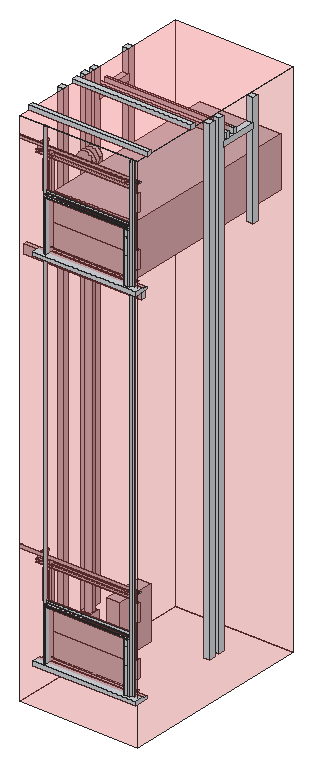
Revit family "SHC2600-2U-1方向", category 一般モデル, Revit 2018
Family settings
  鉄筋をホスト可能 = いいえ
  丸型コネクタ寸法 = 直径を使用
  パーツ タイプ = 標準
  作業面ベース = いいえ
  常に垂直 = はい
  ロード時にボイドで切り取り = いいえ
  共有 = いいえ
  部屋計算ポイント = いいえ
Parameters
  昇降行程 = 13000 mm
Reference planes
  plane 1 "レール芯": y = 0
  plane 2 "最下階FL": z = 0
  plane 3 "かご芯": x = 0
  plane 4: z = 13000
  plane 5 "ピット底面": z = -1600
  plane 6: z = 17000
  plane 7: z = 1800
Forms (mm)
  Extrusion 1, solid
    sketch origin (-115, 140, 0) x (1, 0, 0) y (0, 1, 0)
      loop
        line (-2270, 3520) -> (-2270, -3365) -> (1920, -3365) -> (1920, 3520) -> (-2270, 3520)
    from -1600 to 17000
  Extrusion 2, solid
    sketch origin (-188.849, -187.656, 5000) x (1, 0, 0) y (0, 1, 0)
      loop
        line (-1246.151, 3737.656) -> (-1246.151, -2667.344) -> (1623.849, -2667.344) -> (1623.849, 3737.656) -> (-1246.151, 3737.656)
    from 8000 to 9800
  Extrusion 3, solid
    sketch origin (69.836, -13.256, 0) x (1, 0, 0) y (0, 1, 0)
      loop
        line (1735.164, 313.256) -> (1735.164, 113.256) -> (1935.164, 113.256) -> (1935.164, 313.256) -> (1735.164, 313.256)
    from 0 to 17000
  Extrusion 4, solid
    sketch origin (-180.164, -413.256, 0) x (1, 0, 0) y (0, 1, 0)
      loop
        line (1985.164, 313.256) -> (1985.164, 113.256) -> (2185.164, 113.256) -> (2185.164, 313.256) -> (1985.164, 313.256)
    from 0 to 17000
  Extrusion 5, solid
    sketch origin (448.997, -221.31, 0) x (1, 0, 0) y (0, 1, 0)
      loop
        line (-3033.997, 521.31) -> (-3033.997, 321.31) -> (-2833.997, 321.31) -> (-2833.997, 521.31) -> (-3033.997, 521.31)
    from 0 to 17000
  Extrusion 6, solid
    sketch origin (448.997, -1471.31, 0) x (1, 0, 0) y (0, 1, 0)
      loop
        line (-3033.997, 1371.31) -> (-3033.997, 1171.31) -> (-2833.997, 1171.31) -> (-2833.997, 1371.31) -> (-3033.997, 1371.31)
    from 0 to 17000
  Extrusion 7, solid
    sketch origin (0, -3099.792, -183.066) x (0, 1, 0) y (0, 0, 1)
      loop
        line (279.792, 17333.066) -> (279.792, 17183.066) -> (429.792, 17183.066) -> (429.792, 17333.066) -> (279.792, 17333.066)
    from -2385 to 1805
  Extrusion 8, solid
    sketch origin (0, -1154.792, -183.066) x (0, 1, 0) y (0, 0, 1)
      loop
        line (279.792, 17333.066) -> (279.792, 17183.066) -> (429.792, 17183.066) -> (429.792, 17333.066) -> (279.792, 17333.066)
    from -2385 to 1805
  Extrusion 9, solid
    sketch origin (0, -2237.235, 116.596) x (0, 1, 0) y (0, 0, 1)
      loop
        line (-827.765, 12733.404) -> (-827.765, 12433.404) -> (-677.765, 12433.404) -> (-677.765, 12733.404) -> (-827.765, 12733.404)
    from -2385 to 1805
  Extrusion 10, solid
    sketch origin (322.648, -2418.415, 0) x (-1, 0, 0) y (0, -1, 0)
      loop
        line (-1352.352, 796.585) -> (-1252.352, 796.585) -> (-1252.352, 896.585) -> (-1255.352, 896.585)
        arc (-1255.352, 896.585) -> (-1260.302, 894.535) -> (-1262.352, 889.585) r 7
        line (-1262.352, 889.585) -> (-1262.352, 816.585)
        arc (-1262.352, 816.585) -> (-1265.281, 809.514) -> (-1272.352, 806.585) r 10
        line (-1272.352, 806.585) -> (-1345.352, 806.585)
        arc (-1345.352, 806.585) -> (-1350.302, 804.535) -> (-1352.352, 799.585) r 7
        line (-1352.352, 799.585) -> (-1352.352, 796.585)
    from 0 to 12850
  Extrusion 11, solid
    sketch origin (-22.648, -2418.415, 0) x (1, 0, 0) y (0, 1, 0)
      loop
        line (-1432.352, -896.585) -> (-1432.352, -796.585) -> (-1532.352, -796.585) -> (-1532.352, -799.585)
        arc (-1532.352, -799.585) -> (-1530.302, -804.535) -> (-1525.352, -806.585) r 7
        line (-1525.352, -806.585) -> (-1452.352, -806.585)
        arc (-1452.352, -806.585) -> (-1445.281, -809.514) -> (-1442.352, -816.585) r 10
        line (-1442.352, -816.585) -> (-1442.352, -889.585)
        arc (-1442.352, -889.585) -> (-1440.302, -894.535) -> (-1435.352, -896.585) r 7
        line (-1435.352, -896.585) -> (-1432.352, -896.585)
    from 0 to 12850
  Extrusion 12, solid
    sketch origin (522.648, -2418.415, 5000) x (-1, 0, 0) y (0, -1, 0)
      loop
        line (-1152.352, 796.585) -> (-1052.352, 796.585) -> (-1052.352, 896.585) -> (-1055.352, 896.585)
        arc (-1055.352, 896.585) -> (-1060.302, 894.535) -> (-1062.352, 889.585) r 7
        line (-1062.352, 889.585) -> (-1062.352, 816.585)
        arc (-1062.352, 816.585) -> (-1065.281, 809.514) -> (-1072.352, 806.585) r 10
        line (-1072.352, 806.585) -> (-1145.352, 806.585)
        arc (-1145.352, 806.585) -> (-1150.302, 804.535) -> (-1152.352, 799.585) r 7
        line (-1152.352, 799.585) -> (-1152.352, 796.585)
    from 8000 to 12000
  Extrusion 13, solid
    sketch origin (-22.648, -2418.415, 5000) x (1, 0, 0) y (0, 1, 0)
      loop
        line (-1432.352, -796.585) -> (-1532.352, -796.585) -> (-1532.352, -799.585)
        arc (-1532.352, -799.585) -> (-1530.302, -804.535) -> (-1525.352, -806.585) r 7
        line (-1525.352, -806.585) -> (-1452.352, -806.585)
        arc (-1452.352, -806.585) -> (-1445.281, -809.514) -> (-1442.352, -816.585) r 10
        line (-1442.352, -816.585) -> (-1442.352, -889.585)
        arc (-1442.352, -889.585) -> (-1440.302, -894.535) -> (-1435.352, -896.585) r 7
        line (-1435.352, -896.585) -> (-1432.352, -896.585) -> (-1432.352, -796.585)
    from 8000 to 12000
  Extrusion 14, solid
    sketch origin (90, -5752.272, 6135.614) x (0, 0, -1) y (0, 1, 0)
      loop
        line (-8744.386, 2437.272) -> (-8744.386, 2537.272) -> (-8844.386, 2537.272) -> (-8844.386, 2534.272)
        arc (-8844.386, 2534.272) -> (-8842.335, 2529.322) -> (-8837.386, 2527.272) r 7
        line (-8837.386, 2527.272) -> (-8764.386, 2527.272)
        arc (-8764.386, 2527.272) -> (-8757.315, 2524.343) -> (-8754.386, 2517.272) r 10
        line (-8754.386, 2517.272) -> (-8754.386, 2444.272)
        arc (-8754.386, 2444.272) -> (-8752.335, 2439.322) -> (-8747.386, 2437.272) r 7
        line (-8747.386, 2437.272) -> (-8744.386, 2437.272)
    from -1545 to 1485
  Extrusion 15, solid
    sketch origin (0, -1392.728, 6170.614) x (0, 0, -1) y (0, 1, 0)
      loop
        line (-10139.386, -1729.272) -> (-10139.386, -1802.272)
        arc (-10139.386, -1802.272) -> (-10142.315, -1809.343) -> (-10149.386, -1812.272) r 10
        line (-10149.386, -1812.272) -> (-10222.386, -1812.272)
        arc (-10222.386, -1812.272) -> (-10227.335, -1814.322) -> (-10229.386, -1819.272) r 7
        line (-10229.386, -1819.272) -> (-10229.386, -1822.272) -> (-10129.386, -1822.272) -> (-10129.386, -1722.272) -> (-10132.386, -1722.272)
        arc (-10132.386, -1722.272) -> (-10137.335, -1724.322) -> (-10139.386, -1729.272) r 7
    from -2385 to 1805
  Extrusion 16, solid
    sketch origin (724.836, 1486.744, 0) x (1, 0, 0) y (0, 1, 0)
      loop
        line (1080.164, 313.256) -> (1080.164, 113.256) -> (1280.164, 113.256) -> (1280.164, 313.256) -> (1080.164, 313.256)
    from 13000 to 17000
  Extrusion 17, solid
    sketch origin (473.997, -2560.007, 0) x (1, 0, 0) y (0, 1, 0)
      loop
        line (-3058.997, 1460.007) -> (-3058.997, 1260.007) -> (-2858.997, 1260.007) -> (-2858.997, 1460.007) -> (-3058.997, 1460.007)
    from 0 to 17000
  Extrusion 18, solid
    sketch origin (-695, 720, -1350) x (1, 0, 0) y (0, 1, 0)
      loop
        line (-1420, 950) -> (-1420, -420) -> (-970, -420) -> (-970, 950) -> (-1420, 950)
    from -250 to 1600
  Extrusion 19, solid
    sketch origin (-290, -250, 0) x (1, 0, 0) y (0, 1, 0)
      loop
        circle (-1565, -550) r 130
    from 433 to 14771
  Extrusion 20, solid
    sketch origin (-1505, -588.012, -511) x (1, 0, 0) y (0, 0, 1)
      loop
        circle (-350, 15316) r 280
    from 1.988 to 121.988
  Extrusion 21, solid
    sketch origin (-1505, -838.012, -511) x (1, 0, 0) y (0, 0, 1)
      loop
        circle (-350, 15316) r 280
    from 51.988 to 171.988
  Extrusion 22, solid
    sketch origin (55.293, 4.04, 0) x (1, 0, 0) y (0, 1, 0)
      loop
        line (-2085.293, -629.04) -> (-2085.293, -979.04) -> (-1735.293, -979.04) -> (-1735.293, -629.04) -> (-2085.293, -629.04)
    from -1600 to 433
  Extrusion 23, solid
    sketch origin (-3725.164, 1486.744, 0) x (1, 0, 0) y (0, 1, 0)
      loop
        line (1140.164, 313.256) -> (1140.164, 113.256) -> (1340.164, 113.256) -> (1340.164, 313.256) -> (1140.164, 313.256)
    from 13000 to 17000
  Extrusion 24, solid
    sketch origin (1805, 0, -850) x (0, 1, 0) y (0, 0, 1)
      loop
        line (300, 17050) -> (300, 16850) -> (1600, 16850) -> (1600, 17050) -> (300, 17050)
    from 0 to 200
  Extrusion 25, solid
    sketch origin (-2585, 0, -850) x (0, 1, 0) y (0, 0, 1)
      loop
        line (300, 17050) -> (300, 16850) -> (1600, 16850) -> (1600, 17050) -> (300, 17050)
    from 0 to 200
  Extrusion 26, solid
    sketch origin (0, 0, -850) x (0, 1, 0) y (0, 0, 1)
      loop
        line (445, 17250) -> (445, 17050) -> (535, 17050) -> (535, 17250) -> (445, 17250)
      loop
        line (765, 17250) -> (765, 17050) -> (855, 17050) -> (855, 17250) -> (765, 17250)
    from -2585 to 2005
  Extrusion 27, solid
    sketch origin (0, -355, 0) x (0, 1, 0) y (0, 0, 1)
      loop
        line (-2880, 1890) -> (-2953, 1890)
        arc (-2953, 1890) -> (-2957.95, 1887.95) -> (-2960, 1883) r 7
        line (-2960, 1883) -> (-2960, 1880) -> (-2860, 1880) -> (-2860, 1980) -> (-2863, 1980)
        arc (-2863, 1980) -> (-2867.95, 1977.95) -> (-2870, 1973) r 7
        line (-2870, 1973) -> (-2870, 1900)
        arc (-2870, 1900) -> (-2872.929, 1892.929) -> (-2880, 1890) r 10
    from -1455 to 1575
  Extrusion 28, solid
    sketch origin (0, -6075, 1420) x (0, -1, 0) y (0, 0, -1)
      loop
        arc (-2880, -1890) -> (-2872.929, -1892.929) -> (-2870, -1900) r 10
        line (-2870, -1900) -> (-2870, -1973)
        arc (-2870, -1973) -> (-2867.95, -1977.95) -> (-2863, -1980) r 7
        line (-2863, -1980) -> (-2860, -1980) -> (-2860, -1880) -> (-2960, -1880) -> (-2960, -1883)
        arc (-2960, -1883) -> (-2957.95, -1887.95) -> (-2953, -1890) r 7
        line (-2953, -1890) -> (-2880, -1890)
    from -2385 to 1805
Dimensions and locks
  "昇降行程": plane 4 to plane 2 "最下階FL"
  plane 6 to plane 4 = 4000 mm
  locked: Extrusion 2 to plane 4 at 1800
  locked: plane 4 to Extrusion 10 at 150
  locked: Extrusion 19 to plane 4 at 1771
  aligned and locked: level to plane 2 "最下階FL"
  aligned and locked: Extrusion 1 to plane 5 "ピット底面"
  aligned and locked: Extrusion 2 to plane 4
  aligned and locked: Extrusion 4 to plane 2 "最下階FL"
  aligned and locked: Extrusion 3 to plane 2 "最下階FL"
  aligned and locked: Extrusion 5 to Extrusion 1
  aligned and locked: Extrusion 6 to Extrusion 1
  aligned and locked: Extrusion 3 to Extrusion 1
  aligned and locked: Extrusion 4 to Extrusion 1
  aligned and locked: Extrusion 5 to plane 2 "最下階FL"
  aligned and locked: Extrusion 6 to plane 2 "最下階FL"
  aligned and locked: Extrusion 1 to Extrusion 8  (x2)
  aligned and locked: Extrusion 8 to Extrusion 1
  aligned and locked: Extrusion 7 to Extrusion 1
  aligned and locked: Extrusion 1 to Extrusion 9  (x2)
  aligned and locked: Extrusion 1 to Extrusion 7  (x2)
  aligned and locked: Extrusion 12 to Extrusion 13
  aligned and locked: Extrusion 13 to plane 4
  aligned and locked: Extrusion 12 to plane 4
  aligned and locked: Extrusion 1 to plane 6
  aligned and locked: plane 6 to Extrusion 12
  aligned and locked: plane 6 to Extrusion 13
  aligned and locked: Extrusion 11 to Extrusion 10
  aligned and locked: plane 6 to Extrusion 5
  aligned and locked: plane 6 to Extrusion 3
  aligned and locked: plane 6 to Extrusion 4
  aligned and locked: plane 6 to Extrusion 6
  aligned and locked: Extrusion 1 to Extrusion 17
  aligned and locked: Extrusion 1 to Extrusion 16
  aligned and locked: Extrusion 16 to plane 4
  aligned and locked: Extrusion 1 to Extrusion 23
  aligned and locked: Extrusion 23 to plane 4
  aligned and locked: plane 4 to nested 2
Automatic sketch dimensions
  Extrusion 1 sketch curve to plane 3 "かご芯" = 2385 mm
  plane 3 "かご芯" to Extrusion 1 sketch curve = 1805 mm
  plane 1 "レール芯" to Extrusion 1 sketch curve = 3225 mm
  Extrusion 1 sketch curve to plane 1 "レール芯" = 3660 mm
  Extrusion 2 sketch curve to plane 3 "かご芯" = 1435 mm
  plane 3 "かご芯" to Extrusion 2 sketch curve = 1435 mm
  plane 1 "レール芯" to Extrusion 2 sketch curve = 2855 mm
  Extrusion 2 sketch curve to plane 1 "レール芯" = 3550 mm
  Extrusion 3 sketch curve to plane 1 "レール芯" = 100 mm
  plane 3 "かご芯" to Extrusion 3 sketch curve = 1805 mm
  Extrusion 3 sketch curve to Extrusion 3 sketch curve = 200 mm  (x2)
  plane 1 "レール芯" to Extrusion 4 sketch curve = 300 mm
  plane 3 "かご芯" to Extrusion 4 sketch curve = 1805 mm
  Extrusion 4 sketch curve to Extrusion 4 sketch curve = 200 mm
  plane 1 "レール芯" to Extrusion 4 sketch curve = 100 mm
  Extrusion 5 sketch curve to plane 1 "レール芯" = 100 mm
  Extrusion 5 sketch curve to plane 3 "かご芯" = 2585 mm
  Extrusion 5 sketch curve to Extrusion 5 sketch curve = 200 mm  (x2)
  plane 1 "レール芯" to Extrusion 6 sketch curve = 300 mm
  Extrusion 6 sketch curve to plane 3 "かご芯" = 2585 mm
  Extrusion 6 sketch curve to Extrusion 6 sketch curve = 200 mm
  plane 1 "レール芯" to Extrusion 6 sketch curve = 100 mm
  Extrusion 7 sketch curve to plane 6 = 0 mm
  plane 1 "レール芯" to Extrusion 7 sketch curve = 2820 mm
  Extrusion 7 sketch curve to Extrusion 7 sketch curve = 150 mm
  plane 6 to Extrusion 7 sketch curve = 150 mm
  Extrusion 8 sketch curve to plane 6 = 0 mm
  plane 1 "レール芯" to Extrusion 8 sketch curve = 875 mm
  Extrusion 8 sketch curve to Extrusion 8 sketch curve = 150 mm
  plane 6 to Extrusion 8 sketch curve = 150 mm
  Extrusion 9 sketch curve to plane 4 = 450 mm
  plane 1 "レール芯" to Extrusion 9 sketch curve = 3065 mm
  Extrusion 9 sketch curve to Extrusion 9 sketch curve = 150 mm
  Extrusion 9 sketch curve to plane 4 = 150 mm
  Extrusion 14 sketch curve to plane 6 = 2020 mm
  Extrusion 14 sketch curve to Extrusion 14 sketch curve = 7 mm  (x2)
  Extrusion 14 sketch curve to Extrusion 14 sketch curve = 73 mm  (x2)
  Extrusion 14 sketch curve to Extrusion 14 sketch curve = 10 mm  (x2)
  Extrusion 14 sketch curve to Extrusion 14 sketch curve = 20 mm
  plane 1 "レール芯" to Extrusion 14 sketch curve = 3315 mm
  plane 6 to Extrusion 15 sketch curve = 600 mm
  Extrusion 15 sketch curve to Extrusion 15 sketch curve = 7 mm  (x2)
  Extrusion 15 sketch curve to Extrusion 15 sketch curve = 73 mm  (x2)
  Extrusion 15 sketch curve to Extrusion 15 sketch curve = 10 mm
  Extrusion 15 sketch curve to Extrusion 15 sketch curve = 3 mm  (x2)
  Extrusion 15 sketch curve to plane 1 "レール芯" = 3115 mm
  plane 3 "かご芯" to Extrusion 16 sketch curve = 1805 mm
  Extrusion 16 sketch curve to Extrusion 16 sketch curve = 200 mm  (x2)
  Extrusion 16 sketch curve to plane 1 "レール芯" = 1600 mm
  Extrusion 17 sketch curve to plane 3 "かご芯" = 2585 mm
  Extrusion 17 sketch curve to Extrusion 17 sketch curve = 200 mm  (x2)
  plane 1 "レール芯" to Extrusion 17 sketch curve = 1300 mm
  Extrusion 18 sketch curve to plane 1 "レール芯" = 300 mm
  Extrusion 18 sketch curve to plane 3 "かご芯" = 2115 mm
  Extrusion 18 sketch curve to Extrusion 18 sketch curve = 450 mm
  Extrusion 18 sketch curve to Extrusion 18 sketch curve = 1370 mm
  Extrusion 20 sketch curve to plane 3 "かご芯" = 1855 mm
  plane 4 to Extrusion 20 sketch curve = 1805 mm
  Extrusion 21 sketch curve to plane 3 "かご芯" = 1855 mm
  plane 4 to Extrusion 21 sketch curve = 1805 mm
  Extrusion 22 sketch curve to plane 3 "かご芯" = 2030 mm
  Extrusion 22 sketch curve to Extrusion 22 sketch curve = 350 mm  (x2)
  plane 1 "レール芯" to Extrusion 22 sketch curve = 975 mm
  Extrusion 23 sketch curve to plane 3 "かご芯" = 2585 mm
  Extrusion 23 sketch curve to Extrusion 23 sketch curve = 200 mm  (x2)
  Extrusion 23 sketch curve to plane 1 "レール芯" = 1600 mm
  Extrusion 24 sketch curve to plane 1 "レール芯" = 300 mm
  Extrusion 24 sketch curve to Extrusion 24 sketch curve = 1300 mm
  Extrusion 24 sketch curve to plane 6 = 1000 mm
  Extrusion 24 sketch curve to Extrusion 24 sketch curve = 200 mm
  Extrusion 25 sketch curve to plane 1 "レール芯" = 300 mm
  Extrusion 25 sketch curve to Extrusion 25 sketch curve = 1300 mm
  Extrusion 25 sketch curve to plane 6 = 1000 mm
  Extrusion 25 sketch curve to Extrusion 25 sketch curve = 200 mm
  Extrusion 26 sketch curve to plane 1 "レール芯" = 445 mm
  Extrusion 26 sketch curve to Extrusion 26 sketch curve = 90 mm  (x2)
  Extrusion 26 sketch curve to Extrusion 26 sketch curve = 230 mm
  Extrusion 26 sketch curve to plane 6 = 800 mm
  Extrusion 26 sketch curve to Extrusion 26 sketch curve = 0 mm
  Extrusion 26 sketch curve to Extrusion 26 sketch curve = 200 mm  (x2)
  Extrusion 27 sketch curve to plane 7 = 80 mm
  plane 1 "レール芯" to Extrusion 27 sketch curve = 3315 mm
  Extrusion 27 sketch curve to Extrusion 27 sketch curve = 7 mm  (x2)
  Extrusion 27 sketch curve to Extrusion 27 sketch curve = 73 mm  (x2)
  Extrusion 27 sketch curve to Extrusion 27 sketch curve = 10 mm  (x2)
  Extrusion 27 sketch curve to Extrusion 27 sketch curve = 3 mm
  plane 7 to Extrusion 28 sketch curve = 1500 mm
  Extrusion 28 sketch curve to plane 1 "レール芯" = 3115 mm
  Extrusion 28 sketch curve to Extrusion 28 sketch curve = 7 mm  (x2)
  Extrusion 28 sketch curve to Extrusion 28 sketch curve = 73 mm  (x2)
  Extrusion 28 sketch curve to Extrusion 28 sketch curve = 10 mm  (x2)
  Extrusion 28 sketch curve to Extrusion 28 sketch curve = 3 mm
  Extrusion 12 sketch curve to plane 3 "かご芯" = 1675 mm
  Extrusion 12 sketch curve to Extrusion 12 sketch curve = 7 mm  (x2)
  Extrusion 12 sketch curve to Extrusion 12 sketch curve = 73 mm  (x2)
  Extrusion 12 sketch curve to Extrusion 12 sketch curve = 10 mm  (x2)
  Extrusion 12 sketch curve to plane 1 "レール芯" = 3315 mm
  Extrusion 12 sketch curve to Extrusion 12 sketch curve = 20 mm
  Extrusion 10 sketch curve to plane 3 "かご芯" = 1675 mm
  Extrusion 10 sketch curve to Extrusion 10 sketch curve = 7 mm  (x2)
  Extrusion 10 sketch curve to Extrusion 10 sketch curve = 73 mm  (x2)
  Extrusion 10 sketch curve to Extrusion 10 sketch curve = 10 mm  (x2)
  Extrusion 10 sketch curve to plane 1 "レール芯" = 3315 mm
  Extrusion 10 sketch curve to Extrusion 10 sketch curve = 20 mm
  Extrusion 13 sketch curve to plane 3 "かご芯" = 1555 mm
  Extrusion 13 sketch curve to Extrusion 13 sketch curve = 7 mm  (x2)
  Extrusion 13 sketch curve to Extrusion 13 sketch curve = 73 mm  (x2)
  Extrusion 13 sketch curve to Extrusion 13 sketch curve = 10 mm
  Extrusion 13 sketch curve to Extrusion 13 sketch curve = 3 mm
  plane 1 "レール芯" to Extrusion 13 sketch curve = 3315 mm
  Extrusion 13 sketch curve to Extrusion 13 sketch curve = 20 mm
  Extrusion 11 sketch curve to plane 3 "かご芯" = 1555 mm
  Extrusion 11 sketch curve to Extrusion 11 sketch curve = 7 mm  (x2)
  Extrusion 11 sketch curve to Extrusion 11 sketch curve = 73 mm  (x2)
  Extrusion 11 sketch curve to Extrusion 11 sketch curve = 10 mm  (x2)
  plane 1 "レール芯" to Extrusion 11 sketch curve = 3315 mm
  Extrusion 11 sketch curve to Extrusion 11 sketch curve = 20 mm
  radius of Extrusion 20 sketch curve = 280 mm
  radius of Extrusion 21 sketch curve = 280 mm
Nested families
  nested 1: "2U" at (0, -2885, 0), type "2U"
    with 戸袋 1220 mm, 壁外～敷居先端 440 mm, 出入口高さ 1800 mm, 出入口幅 2750 mm
  nested 2: "2U" at (0, -2885, 13000), type "2U"
    with 戸袋 1220 mm, 壁外～敷居先端 440 mm, 出入口高さ 1800 mm, 出入口幅 2750 mm
Definition of nested family "2U"
  Parameters (values of type "2U")
    戸袋 = 1570 mm
    壁外～敷居先端 = 470 mm
    出入口高さ = 2500 mm
    出入口幅 = 2500 mm
  Reference planes
    plane 1 "敷居先端": y = 0
    plane 2: z = 0
    plane 3 "中心(左/右)": x = 0
    plane 4: x = 1250
    plane 5: x = -1250
    plane 6: z = 2500
    plane 7: z = 1250
    plane 8 "出入口高さ": z = 4070
    plane 9: z = 4050
    plane 10: x = 989
    plane 11: z = 4080
    plane 12: x = -1406
    plane 13: z = 4172.5
    plane 14: x = -1830
    plane 15: x = -1735
    plane 16: z = 4230
    plane 17: z = 2570
    plane 18: y = -470
    plane 19: x = -1330
    plane 20: x = 1450
    plane 21: z = 2580
  Forms (mm)
    Extrusion 1, solid
      sketch origin (0, 0, 0) x (1, 0, 0) y (0, 1, 0)
        loop
          line (-1270, -45) -> (-1270, -87) -> (1270, -87) -> (1270, -45) -> (-1270, -45)
      from 0 to 1280
    Extrusion 2, solid
      sketch origin (0, 0, 0) x (1, 0, 0) y (0, 1, 0)
        loop
          line (-1270, -95) -> (-1270, -137) -> (1270, -137) -> (1270, -95) -> (-1270, -95)
      from 1250 to 2530
    Extrusion 3, solid
      sketch origin (0, 0, 0) x (1, 0, 0) y (0, 1, 0)
        loop
          line (-1300, -145) -> (-1300, -146.6) -> (-1251.6, -146.6) -> (-1251.6, -478.4) -> (-1278.4, -478.4) -> (-1278.4, -450) -> (-1280, -450) -> (-1280, -480) -> (-1250, -480) -> (-1250, -145) -> (-1300, -145)
      from 0 to 2500
    Extrusion 4, solid
      sketch origin (0, 0, 0) x (1, 0, 0) y (0, 1, 0)
        loop
          line (1300, -145) -> (1250, -145) -> (1250, -480) -> (1400, -480) -> (1400, -450) -> (1398.4, -450) -> (1398.4, -478.4) -> (1251.6, -478.4) -> (1251.6, -146.6) -> (1300, -146.6) -> (1300, -145)
      from 0 to 2500
    Extrusion 5, solid
      sketch origin (0, 0, -10) x (0, 1, 0) y (0, 0, 1)
        loop
          line (-30, 10) -> (-570, 10) -> (-570, -140) -> (-30, -140) -> (-30, 10)
      from -1750 to 1750
    Extrusion 6, void
      sketch origin (0, 0, 0) x (0, 1, 0) y (0, 0, 1)
        loop
          line (-230, 0) -> (-230, -60) -> (-30, -60) -> (-30, 0) -> (-230, 0)
      from -1750 to 1750
    Extrusion 7, solid
      sketch origin (0, 0, 0) x (0, 1, 0) y (0, 0, 1)
        loop
          line (-155, 0) -> (-155, -4.5) -> (0, -4.5) -> (0, 0) -> (-155, 0)
      from -1412 to 1412
    Extrusion 8, solid
      sketch origin (0, 0, 0) x (0, 1, 0) y (0, 0, 1)
        loop
          arc (-150, -14) -> (-148.682, -10.818) -> (-145.5, -9.5) r 4.5
          line (-145.5, -9.5) -> (-118, -9.5)
          arc (-118, -9.5) -> (-115.879, -8.621) -> (-115, -6.5) r 3
          line (-115, -6.5) -> (-115, -4.5) -> (-155, -4.5) -> (-155, -44.5) -> (-153, -44.5)
          arc (-153, -44.5) -> (-150.879, -43.621) -> (-150, -41.5) r 3
          line (-150, -41.5) -> (-150, -14)
      from -1412 to 1412
    Extrusion 9, solid
      sketch origin (0, 0, 0) x (0, 1, 0) y (0, 0, 1)
        loop
          line (-10, -14) -> (-10, -41.5)
          arc (-10, -41.5) -> (-9.121, -43.621) -> (-7, -44.5) r 3
          line (-7, -44.5) -> (-5, -44.5) -> (-5, -4.5) -> (-45, -4.5) -> (-45, -6.5)
          arc (-45, -6.5) -> (-44.121, -8.621) -> (-42, -9.5) r 3
          line (-42, -9.5) -> (-14.5, -9.5)
          arc (-14.5, -9.5) -> (-11.318, -10.818) -> (-10, -14) r 4.5
      from -1412 to 1412
    Extrusion 10, solid
      sketch origin (0, 0, 0) x (0, 1, 0) y (0, 0, 1)
        loop
          line (-40.028, 3970) -> (0, 3970) -> (0, 3974.5) -> (-35.5, 3974.5) -> (-35.5, 4065.5) -> (0, 4065.5) -> (0, 4070) -> (-40.028, 4070) -> (-40.028, 3970)
      from -1830 to 1362
    Extrusion 11, solid
      sketch origin (0, 0, 0) x (0, 1, 0) y (0, 0, 1)
        loop
          line (-175, 4076) -> (-175, 4070) -> (125, 4070) -> (125, 4076) -> (-175, 4076)
      from -1830 to -1640
    Extrusion 12, solid
      sketch origin (0, 0, 0) x (0, 1, 0) y (0, 0, 1)
        loop
          line (-450, 2530) -> (-480, 2530) -> (-480, 2500) -> (-145, 2500) -> (-145, 2501.6) -> (-478.4, 2501.6) -> (-478.4, 2528.4) -> (-450, 2528.4) -> (-450, 2530)
      from -1280 to 1400
    Extrusion 13, solid
      sketch origin (-22.601, -148.434, 0) x (1, 0, 0) y (0, 1, 0)
        loop
          line (1312.601, 108.406) -> (1312.601, 8.406) -> (1384.601, 8.406) -> (1384.601, 108.406) -> (1312.601, 108.406)
      from 0 to 4070
    Extrusion 14, solid
      sketch origin (-3174.601, -148.434, 0) x (1, 0, 0) y (0, 1, 0)
        loop
          line (1812.601, 108.406) -> (1812.601, 8.406) -> (1884.601, 8.406) -> (1884.601, 108.406) -> (1812.601, 108.406)
      from 0 to 4070
    Extrusion 15, solid
      sketch origin (0, 0, 0) x (-1, 0, 0) y (0, 0, -1)
        loop
          circle (-989, -4080) r 61
      from 65 to 115
    Extrusion 16, solid
      sketch origin (0, 0, 0) x (1, 0, 0) y (0, 0, 1)
        loop
          circle (-1406, 4172.5) r 81
      from 65 to 135
    Extrusion 17, solid
      sketch origin (0, 0, 0) x (1, 0, 0) y (0, 0, 1)
        loop
          circle (-1735, 4230) r 60
      from -205.9 to 20.6
    Extrusion 18, solid
      sketch origin (0, 0, 3250) x (1, 0, 0) y (0, 1, 0)
        loop
          line (-1587, -12) -> (-1587, -168) -> (-1387, -168) -> (-1387, -12) -> (-1587, -12)
      from -750 to 250
    Extrusion 19, solid
      sketch origin (229.034, -29.566, 4076) x (1, 0, 0) y (0, 1, 0)
        loop
          line (-2054.034, 154.566) -> (-2054.034, -45.434) -> (-1874.034, -45.434) -> (-1874.034, 154.566) -> (-2054.034, 154.566)
      from 0 to 154
    Extrusion 20, solid
      sketch origin (2782.417, -417.994, 75) x (1, 0, 0) y (0, 1, 0)
        loop
          line (-1420.417, 373.067) -> (-1420.417, 283.067) -> (-1382.217, 283.067) -> (-1382.217, 373.067) -> (-1420.417, 373.067)
      from 0 to 255
    Extrusion 21, solid
      sketch origin (-286.199, -145.163, 430) x (1, 0, 0) y (0, 1, 0)
        loop
          line (1648.199, 95.235) -> (1648.199, 15.235) -> (1778.199, 15.235) -> (1778.199, 95.235) -> (1648.199, 95.235)
      from 0 to 600
    Extrusion 22, solid
      sketch origin (-286.199, -145.163, 2930) x (1, 0, 0) y (0, 1, 0)
        loop
          line (1648.199, 95.235) -> (1648.199, 15.235) -> (1778.199, 15.235) -> (1778.199, 95.235) -> (1648.199, 95.235)
      from 0 to 600
    Extrusion 23, solid
      sketch origin (142.65, 0, -207.206) x (1, 0, 0) y (0, 0, 1)
        loop
          line (-1638.65, 4379.706) -> (-1638.65, 4277.206) -> (-1458.65, 4277.206) -> (-1458.65, 4379.706) -> (-1638.65, 4379.706)
      from 0 to 180.055
    Extrusion 24, solid
      sketch origin (520, -163, 962.5) x (1, 0, 0) y (0, 1, 0)
        loop
          line (740, -317) -> (740, -320) -> (870, -320) -> (870, -317) -> (740, -317)
      from 0 to 590
    Extrusion 25, solid
      sketch origin (0, -180.055, 0) x (0, -1, 0) y (0, 0, -1)
        loop
          line (-40.028, -3970) -> (-40.028, -4070) -> (0, -4070) -> (0, -4065.5) -> (-35.5, -4065.5) -> (-35.5, -3974.5) -> (0, -3974.5) -> (0, -3970) -> (-40.028, -3970)
      from -1830 to 1362
  Cuts and joins
    Extrusion 6 cuts Extrusion 1
    Extrusion 6 cuts Extrusion 5
  Lines and regions (mm)
    reference lines
      curve 1: line (1250, -10, 0) -> (1362, -10, 0)
    symbolic lines
      curve 2: line (0, -480, 0) -> (0, -145, 0)
  Dimensions and locks
    "出入口幅": plane 5 to plane 4
    equal spacing: plane 5, plane 3 "中心(左/右)", plane 4
    "出入口高さ": plane 6 to level
    equal spacing: plane 6, plane 7, level
    locked: Extrusion 2 to plane 6 at 30
    locked: Extrusion 1 to plane 7 at 30
    locked: plane 4 to Extrusion 1 at 20
    locked: Extrusion 2 to plane 5 at 20
    locked: plane 4 to Extrusion 7 at 162
    locked: Extrusion 7 to plane 5 at 162
    "戸袋": plane 8 "出入口高さ" to plane 6
    locked: plane 4 to Extrusion 10 at 112
    locked: plane 9 to plane 8 "出入口高さ" at 20
    locked: Extrusion 12 to plane 5 at 30
    locked: plane 4 to Extrusion 12 at 150
    locked: plane 11 to plane 8 "出入口高さ" at 10
    locked: plane 4 to plane 10 at 261
    locked: plane 13 to plane 8 "出入口高さ" at 102.5
    locked: plane 14 to Extrusion 11 at 190
    locked: plane 14 to plane 5 at 580
    locked: plane 14 to plane 12 at 424
    locked: plane 16 to plane 8 "出入口高さ" at 160
    locked: plane 14 to plane 15 at 95
    locked: plane 4 to cut or joined group of Extrusion 5, Extrusion 6 at 500
    cut or joined group of Extrusion 5, Extrusion 6 to plane 5 = 500 mm
    locked: plane 6 to plane 17 at 70
    locked: plane 18 to Extrusion 3 at 10
    locked: plane 18 to Extrusion 4 at 10
    locked: plane 18 to cut or joined group of Extrusion 5, Extrusion 6 at 100
    locked: Extrusion 12 to plane 18 at 10
    locked: Extrusion 18 to plane 6 at 1000
    locked: Extrusion 22 to Extrusion 22 at 600
    locked: plane 6 to Extrusion 22 at 430
    locked: Extrusion 11 to plane 8 "出入口高さ" at 6
    locked: plane 16 to Extrusion 11 at 154
    locked: cut or joined group of Extrusion 5, Extrusion 6 to cut or joined group of Extrusion 5, Extrusion 6 at 200
    locked: plane 19 to plane 5 at 80
    locked: plane 4 to plane 20 at 200
    locked: plane 21 to plane 6 at 80
    "壁外～敷居先端": plane 18 to plane 1 "敷居先端"
    aligned and locked: level to plane 2
    aligned and locked: Extrusion 2 to plane 7
    aligned and locked: plane 5 to Extrusion 3
    aligned and locked: plane 4 to Extrusion 4
    aligned and locked: plane 6 to Extrusion 4
    aligned and locked: Extrusion 4 to plane 6
    aligned and locked: plane 6 to Extrusion 3
    aligned and locked: Extrusion 7 to plane 1 "敷居先端"
    aligned and locked: Extrusion 7 to Extrusion 8  (x2)
    aligned and locked: Extrusion 7 to Extrusion 9  (x2)
    aligned and locked: Extrusion 8 to Extrusion 7
    aligned and locked: plane 8 "出入口高さ" to Extrusion 10
    aligned and locked: Extrusion 11 to Extrusion 10
    aligned and locked: Extrusion 12 to plane 6
    aligned and locked: Extrusion 12 to Extrusion 3
    aligned and locked: Extrusion 12 to Extrusion 4
    aligned and locked: Extrusion 13 to level
    aligned and locked: Extrusion 14 to level
    aligned and locked: plane 11 to Extrusion 15
    aligned and locked: Extrusion 16 to plane 13
    aligned and locked: plane 14 to Extrusion 11
    aligned and locked: plane 14 to Extrusion 10
    aligned and locked: Extrusion 17 to plane 16
    aligned and locked: cut or joined group of Extrusion 5, Extrusion 6 to cut or joined group of Extrusion 5, Extrusion 6  (x4)
    aligned and locked: cut or joined group of Extrusion 5, Extrusion 6 to Extrusion 6
    aligned and locked: Extrusion 6 to cut or joined group of Extrusion 5, Extrusion 6
    aligned and locked: Extrusion 18 to plane 6
    aligned and locked: Extrusion 19 to plane 16
    aligned and locked: Extrusion 19 to Extrusion 11
    aligned and locked: Extrusion 20 to Extrusion 13
    aligned and locked: Extrusion 21 to Extrusion 13
    aligned and locked: Extrusion 23 to plane 13
    aligned and locked: Extrusion 11 to plane 8 "出入口高さ"
    aligned and locked: plane 8 "出入口高さ" to Extrusion 13
    aligned and locked: plane 8 "出入口高さ" to Extrusion 14
    aligned and locked: Extrusion 25 to Extrusion 10  (x2)
  Automatic sketch dimensions
    plane 1 "敷居先端" to curve 2 = 145 mm
    Extrusion 1 sketch curve to plane 5 = 20 mm
    Extrusion 1 sketch curve to plane 4 = 20 mm
    plane 1 "敷居先端" to Extrusion 1 sketch curve = 87 mm
    Extrusion 1 sketch curve to Extrusion 1 sketch curve = 42 mm
    Extrusion 2 sketch curve to plane 5 = 20 mm
    Extrusion 2 sketch curve to plane 4 = 20 mm
    plane 1 "敷居先端" to Extrusion 2 sketch curve = 137 mm
    Extrusion 2 sketch curve to Extrusion 2 sketch curve = 42 mm
    Extrusion 3 sketch curve to plane 5 = 0 mm
    Extrusion 3 sketch curve to plane 5 = 1.6 mm
    Extrusion 3 sketch curve to plane 18 = 8.4 mm
    Extrusion 3 sketch curve to Extrusion 3 sketch curve = 26.8 mm
    Extrusion 3 sketch curve to Extrusion 3 sketch curve = 1.6 mm  (x3)
    Extrusion 3 sketch curve to plane 19 = 30 mm
    plane 18 to Extrusion 3 sketch curve = 20 mm
    plane 1 "敷居先端" to Extrusion 3 sketch curve = 146.6 mm
    Extrusion 4 sketch curve to plane 4 = 0 mm
    Extrusion 4 sketch curve to plane 4 = 1.6 mm
    Extrusion 4 sketch curve to Extrusion 4 sketch curve = 48.4 mm
    Extrusion 4 sketch curve to plane 18 = 8.4 mm
    plane 20 to Extrusion 4 sketch curve = 51.6 mm
    Extrusion 4 sketch curve to Extrusion 4 sketch curve = 1.6 mm  (x3)
    plane 18 to Extrusion 4 sketch curve = 20 mm
    plane 1 "敷居先端" to Extrusion 4 sketch curve = 146.6 mm
    Extrusion 5 sketch curve to level = 0 mm
    Extrusion 5 sketch curve to plane 18 = 100 mm
    plane 1 "敷居先端" to Extrusion 5 sketch curve = 30 mm
    Extrusion 5 sketch curve to level = 150 mm
    Extrusion 6 sketch curve to level = 0 mm
    Extrusion 6 sketch curve to level = 60 mm
    plane 1 "敷居先端" to Extrusion 6 sketch curve = 30 mm
    Extrusion 7 sketch curve to level = 0 mm
    Extrusion 7 sketch curve to plane 1 "敷居先端" = 0 mm
    plane 1 "敷居先端" to Extrusion 7 sketch curve = 155 mm
    Extrusion 7 sketch curve to level = 4.5 mm
    Extrusion 8 sketch curve to level = 4.5 mm
    plane 1 "敷居先端" to Extrusion 8 sketch curve = 155 mm
    Extrusion 8 sketch curve to Extrusion 8 sketch curve = 2 mm
    Extrusion 8 sketch curve to Extrusion 8 sketch curve = 3 mm  (x2)
    Extrusion 8 sketch curve to Extrusion 8 sketch curve = 4.5 mm
    Extrusion 8 sketch curve to level = 6.5 mm
    Extrusion 8 sketch curve to Extrusion 8 sketch curve = 27.5 mm  (x2)
    Extrusion 9 sketch curve to level = 4.5 mm
    plane 1 "敷居先端" to Extrusion 9 sketch curve = 45 mm
    Extrusion 9 sketch curve to Extrusion 9 sketch curve = 3 mm  (x2)
    Extrusion 9 sketch curve to level = 9.5 mm
    plane 1 "敷居先端" to Extrusion 9 sketch curve = 14.5 mm
    plane 1 "敷居先端" to Extrusion 9 sketch curve = 10 mm
    Extrusion 9 sketch curve to Extrusion 9 sketch curve = 2 mm
    Extrusion 9 sketch curve to Extrusion 9 sketch curve = 27.5 mm
    Extrusion 10 sketch curve to plane 8 "出入口高さ" = 0 mm
    Extrusion 10 sketch curve to plane 1 "敷居先端" = 0 mm  (x2)
    Extrusion 10 sketch curve to plane 8 "出入口高さ" = 4.5 mm
    plane 1 "敷居先端" to Extrusion 10 sketch curve = 35.5 mm
    Extrusion 10 sketch curve to Extrusion 10 sketch curve = 4.528 mm
    plane 9 to Extrusion 10 sketch curve = 75.5 mm
    Extrusion 10 sketch curve to Extrusion 10 sketch curve = 4.5 mm
    curve 1 to plane 4 = 0 mm
    plane 1 "敷居先端" to curve 1 = 10 mm
    plane 20 to curve 1 = 88 mm
    Extrusion 11 sketch curve to plane 8 "出入口高さ" = 0 mm
    plane 1 "敷居先端" to Extrusion 11 sketch curve = 175 mm
    Extrusion 11 sketch curve to plane 1 "敷居先端" = 125 mm
    Extrusion 11 sketch curve to plane 11 = 4 mm
    Extrusion 12 sketch curve to plane 6 = 0 mm
    Extrusion 12 sketch curve to plane 18 = 10 mm
    Extrusion 12 sketch curve to Extrusion 12 sketch curve = 1.6 mm  (x2)
    plane 18 to Extrusion 12 sketch curve = 20 mm
    plane 1 "敷居先端" to Extrusion 12 sketch curve = 145 mm
    plane 6 to Extrusion 12 sketch curve = 1.6 mm
    Extrusion 12 sketch curve to Extrusion 12 sketch curve = 26.8 mm
    Extrusion 13 sketch curve to plane 4 = 40 mm
    Extrusion 13 sketch curve to Extrusion 13 sketch curve = 72 mm
    plane 1 "敷居先端" to Extrusion 13 sketch curve = 140.028 mm
    plane 1 "敷居先端" to Extrusion 13 sketch curve = 40.028 mm
    plane 19 to Extrusion 14 sketch curve = 32 mm
    Extrusion 14 sketch curve to plane 5 = 40 mm
    plane 1 "敷居先端" to Extrusion 14 sketch curve = 140.028 mm
    plane 1 "敷居先端" to Extrusion 14 sketch curve = 40.028 mm
    Extrusion 15 sketch curve to plane 10 = 0 mm
    Extrusion 15 sketch curve to plane 11 = 0 mm
    plane 12 to Extrusion 16 sketch curve = 0 mm
    Extrusion 16 sketch curve to plane 13 = 0 mm
    Extrusion 17 sketch curve to plane 15 = 0 mm
    Extrusion 17 sketch curve to plane 16 = 0 mm
    plane 15 to Extrusion 18 sketch curve = 148 mm
    Extrusion 18 sketch curve to plane 12 = 19 mm
    plane 1 "敷居先端" to Extrusion 18 sketch curve = 168 mm
    plane 1 "敷居先端" to Extrusion 18 sketch curve = 12 mm
    Extrusion 19 sketch curve to plane 14 = 5 mm
    plane 15 to Extrusion 19 sketch curve = 90 mm
    plane 1 "敷居先端" to Extrusion 19 sketch curve = 75 mm
    Extrusion 19 sketch curve to plane 1 "敷居先端" = 125 mm
    plane 20 to Extrusion 20 sketch curve = 88 mm
    Extrusion 20 sketch curve to Extrusion 20 sketch curve = 38.2 mm
    plane 1 "敷居先端" to Extrusion 20 sketch curve = 134.928 mm
    plane 1 "敷居先端" to Extrusion 20 sketch curve = 44.928 mm
    plane 20 to Extrusion 21 sketch curve = 88 mm
    Extrusion 21 sketch curve to plane 20 = 42 mm
    plane 1 "敷居先端" to Extrusion 21 sketch curve = 129.928 mm
    plane 1 "敷居先端" to Extrusion 21 sketch curve = 49.928 mm
    plane 20 to Extrusion 22 sketch curve = 88 mm
    Extrusion 22 sketch curve to plane 20 = 42 mm
    plane 1 "敷居先端" to Extrusion 22 sketch curve = 129.928 mm
    plane 1 "敷居先端" to Extrusion 22 sketch curve = 49.928 mm
    Extrusion 23 sketch curve to plane 8 "出入口高さ" = 0 mm
    Extrusion 23 sketch curve to plane 13 = 0 mm
    plane 12 to Extrusion 23 sketch curve = 90 mm
    Extrusion 23 sketch curve to plane 19 = 14 mm
    Extrusion 24 sketch curve to plane 4 = 10 mm
    Extrusion 24 sketch curve to plane 18 = 13 mm
    plane 20 to Extrusion 24 sketch curve = 60 mm
    Extrusion 24 sketch curve to Extrusion 24 sketch curve = 3 mm
    Extrusion 25 sketch curve to plane 8 "出入口高さ" = 0 mm
    Extrusion 25 sketch curve to plane 1 "敷居先端" = 140.028 mm
    Extrusion 25 sketch curve to Extrusion 25 sketch curve = 4.528 mm
    plane 8 "出入口高さ" to Extrusion 25 sketch curve = 4.5 mm
    Extrusion 25 sketch curve to Extrusion 25 sketch curve = 35.5 mm  (x2)
    Extrusion 25 sketch curve to plane 9 = 75.5 mm
    Extrusion 25 sketch curve to Extrusion 25 sketch curve = 4.5 mm
    Extrusion 6 sketch curve to Extrusion 6 sketch curve = 200 mm
    curve 2 to level = 0 mm
    curve 2 to plane 18 = 10 mm
    radius of Extrusion 15 sketch curve = 61 mm
    radius of Extrusion 16 sketch curve = 81 mm
    radius of Extrusion 17 sketch curve = 60 mm
